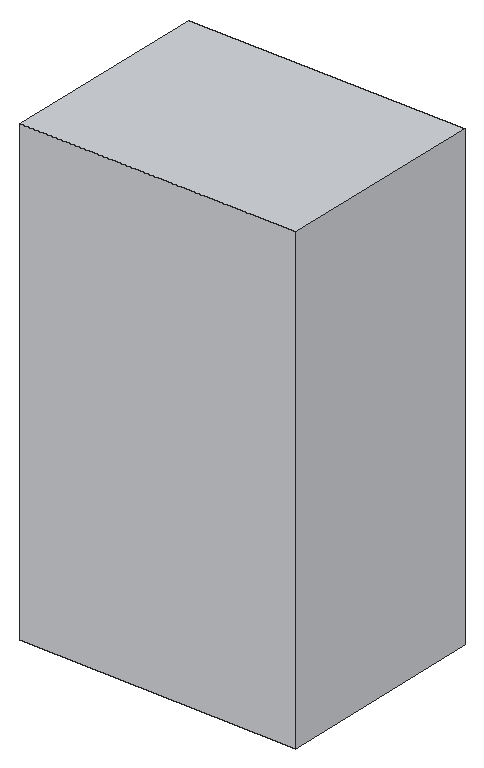
Revit family
Parameters
  Warranty Duration (Years) = 0
  Unit Width [instance] = 0' - 1"
  Unit Height [instance] = 0' - 2 1/4"
  Unit Depth = 0' - 0"
  URL = "http://www.americanspecialties.com/viewCategories.cfm"
  Trim Material = Metal - Stainless Steel w/satin
  Test Data = ""
  Specification = "http://www.arcat.com/sdspecs/htm/10810asi.htm"
  SpecWizard = ""
  Send Message = "http://www.arcat.com/users.pl?action=UserEmail&company=American%20Specialties,%20Inc.&coid=30448&rep=139&fax=914-476-0688&mf="
  Sales Information = "http://www.americanspecialties.com/contact"
  Revision = "R1_10-2010"
  Product Properties = "http://www.americanspecialties.com/datasheets/8425.pdf"
  Product Data = "http://www.arcat.com/arcatcos/cos30/arc30448.html"
  Model = "As Specified in 10 28 13"
  Manufacturer Website = "http://www.americanspecialties.com/viewCategories.cfm"
  Manufacturer Phone - Toll Free = ""
  Manufacturer Phone = "914-476-9000 "
  Manufacturer Fax = "914-476-0688"
  Manufacturer Address = "441 Saw Mill River Rd., Yonkers, NY 10701"
  Manufacturer = "American Specialties, Inc."
  Maintenance Schedule (Months) = 0
  Keynote = "10 28 13"
  Installation-Fabrication = "http://www.americanspecialties.com/products.cfm"
  Green Building-LEED = ""
  Expected Lifespan (Years) = 0
  Drawn By = "Robert S. Weygant. CSI, CDT, SCIP"  # constant formula
  Description = "Toilet Accessory as Specified in 10 28 13"
  Default Elevation = 4' - 0"
  Copyright = "©Arcat Inc."
  Construction Details = "http://www.arcat.com/green/clients/leed_data_30448.html"
  Building Codes = "http://www.americanspecialties.com/products.cfm"
  Body Material = Metal - Stainless Steel w/satin
  Assembly Code = "C1030210"
Reference planes (in)
  plane 1 "Center (Front/Back)": y = -0.29112
  plane 2 "Floor Line": z = 0
  plane 3 "Center (Left/Right)": x = -0.65843
  plane 4: z = 49.125
  plane 5: x = -1.15843
  plane 6: x = -0.15843
  plane 7: z = 48
  plane 8: z = 50.25
Forms (in)
  Extrusion 1, solid
    sketch origin (-3, -9, -6) x (0, 0, -1) y (1, 0, 0)
      loop
        line (-82, 26) -> (-82, -19.34712) -> (-6, -19.34712) -> (-6, 26) -> (-82, 26)
    from 9 to -25.60721
  Extrusion 2, solid, material "Metal - Stainless Steel w/satin" <- "Body Material"
    sketch origin (-0.65843, 0, 0) x (0, 1, 0) y (0, 0, 1)
      loop
        line (-0.29112, 0) -> (1.33388, 0)
        arc (1.33388, 0) -> (1.42227, 0.03661) -> (1.45888, 0.125) r 0.125
        line (1.45888, 0.125) -> (1.45888, 0.9375)
        arc (1.45888, 0.9375) -> (1.47719, 0.98169) -> (1.52138, 1) r 0.0625
        line (1.52138, 1) -> (1.95888, 1) -> (1.95888, 1.125) -> (1.45888, 1.125)
        arc (1.45888, 1.125) -> (1.37049, 1.08839) -> (1.33388, 1) r 0.125
        line (1.33388, 1) -> (1.33388, 0.1875)
        arc (1.33388, 0.1875) -> (1.31558, 0.14331) -> (1.27138, 0.125) r 0.0625
        line (1.27138, 0.125) -> (-0.29112, 0.125) -> (-0.29112, 0)
    from -0.5 to 0.5
  Extrusion 3, solid, material "Metal - Stainless Steel w/satin" <- "Body Material"
    sketch origin (-2.9275, -0.09681, 1.125) x (1, 0, 0) y (0, 1, 0)
      loop
        arc (1.76907, 2.05569) -> (1.68068, 2.01908) -> (1.64407, 1.93069) r 0.125
        line (1.64407, 1.93069) -> (1.64407, 0.93069)
        arc (1.64407, 0.93069) -> (1.68068, 0.8423) -> (1.76907, 0.80569) r 0.125
        line (1.76907, 0.80569) -> (2.76907, 0.80569)
        arc (2.76907, 0.80569) -> (2.85746, 0.8423) -> (2.89407, 0.93069) r 0.125
        line (2.89407, 0.93069) -> (2.89407, 1.93069)
        arc (2.89407, 1.93069) -> (2.85746, 2.01908) -> (2.76907, 2.05569) r 0.125
        line (2.76907, 2.05569) -> (1.76907, 2.05569)
    from 0 to 0.125
  Extrusion 4, void
    sketch origin (0, 0, 0) x (1, 0, 0) y (0, 1, 0)
      loop
        circle (-0.65843, 0.02138) r 0.0625
      loop
        circle (-0.65843, 0.64638) r 0.0625
    from 0 to 0.125
Cuts and joins
  Extrusion 4 cuts Extrusion 2
  Extrusion 4 cuts Extrusion 3
Dimensions and locks (in)
  equal spacing: plane 8, plane 4, plane 7
  equal spacing: plane 6, plane 3 "Center (Left/Right)", plane 5
  "Unit Width": plane 6 to plane 5
  "Unit Height": plane 8 to plane 7
  "Default Elevation": plane 7 to plane 2 "Floor Line"
  "Unit Height": Extrusion 2 to plane 1 "Center (Front/Back)"
  aligned and locked: Extrusion 1 to level
  aligned and locked: Extrusion 2 to plane 5
  aligned and locked: plane 6 to Extrusion 2
  aligned and locked: Extrusion 2 to Extrusion 4
Automatic sketch dimensions
  Extrusion 1 sketch curve to Extrusion 1 sketch curve = 6' - 4"
  Extrusion 1 sketch curve to Extrusion 1 sketch curve = 3' - 9.34712"
  Extrusion 2 sketch curve to level = 0' - 0"
  Extrusion 2 sketch curve to plane 1 "Center (Front/Back)" = 0' - 0"
  level to Extrusion 2 sketch curve = 0' - 0 1/8"
  Extrusion 2 sketch curve to Extrusion 2 sketch curve = 0' - 1 9/16"
  Extrusion 2 sketch curve to Extrusion 2 sketch curve = 0' - 0 1/16"  (x4)
  Extrusion 2 sketch curve to Extrusion 2 sketch curve = 0' - 0 1/8"  (x2)
  Extrusion 2 sketch curve to Extrusion 2 sketch curve = 0' - 0 7/16"
  Extrusion 2 sketch curve to Extrusion 2 sketch curve = 0' - 0 3/4"
  Extrusion 3 sketch curve to plane 6 = 0' - 1 1/8"
  Extrusion 3 sketch curve to Extrusion 3 sketch curve = 0' - 0 1/8"  (x3)
  Extrusion 3 sketch curve to Extrusion 3 sketch curve = 0' - 1"  (x3)
  Extrusion 3 sketch curve to plane 1 "Center (Front/Back)" = 0' - 1"
  Extrusion 4 sketch curve to plane 3 "Center (Left/Right)" = 0' - 0"  (x2)
  Extrusion 4 sketch curve to plane 1 "Center (Front/Back)" = 0' - 0 5/16"
  Extrusion 4 sketch curve to Extrusion 4 sketch curve = 0' - 0 5/8"
  radius of Extrusion 4 sketch curve = 0' - 0 1/16"  (x2)
